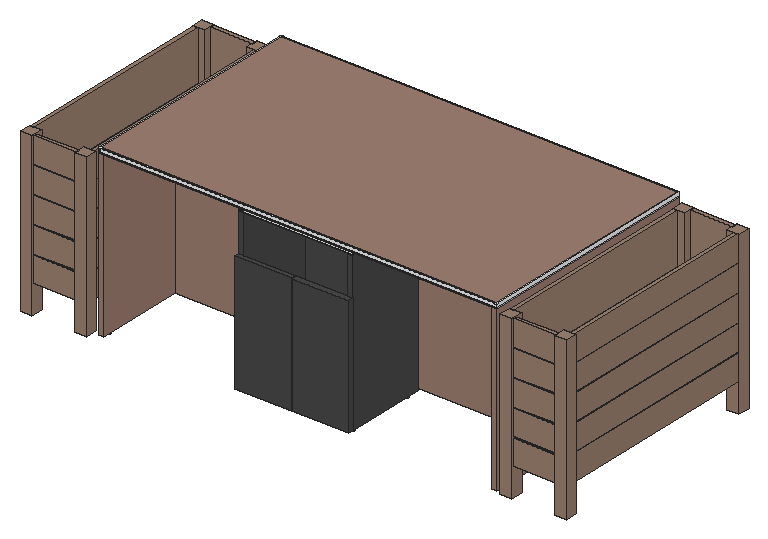
Revit family "T400096", category Furniture, Revit 2015
Parameters (values of type "T400096")
  URL = "https://ofs.com/"
  Model = "T400096"
  Manufacturer = "OFS"
  Description = "OFS TYPICAL T400096"
  Copyright © = "©OFS 2021"
  Catalog = "https://ofs.com/2020-experience"
  Authoring Version = "Autodesk Revit Architecture 2015"
  Assembly Code = "E2020400"
Reference planes (in)
  plane 1 "Center Front/Back": y = 0
  plane 2: z = 0
  plane 3 "Center Left/Right": x = 0
Dimensions and locks (in)
  aligned and locked: level to plane 2
Nested families (in)
  nested 1: "OFS INTERMIX TFL COUNTER HEIGHT TABLE 3MM PVC EDGE" at (0, 22.16803, 0), type "TFL COUNTER HEIGHT TABLE PVC EDGE 84*48"
  nested 2: "OFS INTERMIX TFL MOBILE PEDESTAL" at (-1.17871, 7.16803, 0), type "TFL MOBILE PEDESTAL"
  nested 3: "OFS INTERMIX TFL MOBILE PEDESTAL" at (-1.25, -5.29386, 0) x (-1, 0, 0) z (0, 0, 1), type "TFL MOBILE PEDESTAL"
  nested 4: "OFS INTERMIX  PLANTER BOX" at (-50.67792, 0, 0) x (0, 1, 0) z (0, 0, 1), type "Planter Box 48in Width"
  nested 5: "OFS INTERMIX  PLANTER BOX" at (49.59589, 1.37002, 0) x (0, 1, 0) z (0, 0, 1), type "Planter Box 48in Width"
Definition of nested family "OFS INTERMIX TFL COUNTER HEIGHT TABLE 3MM PVC EDGE"
  Parameters (values of type "TFL COUNTER HEIGHT TABLE PVC EDGE 120*36")
    Worksurface Material = none
    Width = 120.00"
    Chasis Material = none
    URL = "http://www.ofs.com"
    Model = "CC-P12036CCT"
    Manufacturer = "OFS"
    Height = 36.00"
    Description = "OFS INTERMIX TFL COUNTER HEIGHT TABLE WITH 3MM PVC EDGE, 120\" Width, 36\" Depth"
    Depth = 36.00"
    Copyright © = "©OFS 2019"
    Catalog = "https://ofs.com/products/tables/conference/intermix-collaborative"
    Edge Material = none
    Base Caps Material = none
    Authoring Version = "Autodesk Revit Architecture 2015"
    Assembly Code = "E2020200"
    2PT = yes
    2PB = yes
    1PT = no
    1PB = no
  Types (28): name | Width | Model | Description | Depth | 2PT | 2PB | 1PT | 1PB
    (no name) | 120.00" | "CC-P12036CCT" | "OFS INTERMIX TFL COUNTER HEIGHT TABLE WITH 3MM PVC EDGE, 120\" Width, 36\" Depth" | 36.00" | yes | yes | no | no
    TFL COUNTER HEIGHT TABLE PVC EDGE 54*42 | 54.00" | "CC-P5442CCT" | "OFS INTERMIX TFL COUNTER HEIGHT TABLE WITH 3MM PVC EDGE, 54\" Width, 42\" Depth" | 42.00" | no | no | yes | yes
    TFL COUNTER HEIGHT TABLE PVC EDGE 60*42 | 60.00" | "CC-P6042CCT" | "OFS INTERMIX TFL COUNTER HEIGHT TABLE WITH 3MM PVC EDGE, 60\" Width, 42\" Depth" | 42.00" | no | no | yes | yes
    TFL COUNTER HEIGHT TABLE PVC EDGE 66*42 | 66.00" | "CC-P6642CCT" | "OFS INTERMIX TFL COUNTER HEIGHT TABLE WITH 3MM PVC EDGE, 66\" Width, 42\" Depth" | 42.00" | no | no | yes | yes
    TFL COUNTER HEIGHT TABLE PVC EDGE 54*48 | 54.00" | "CC-P5448CCT" | "OFS INTERMIX TFL COUNTER HEIGHT TABLE WITH 3MM PVC EDGE, 54\" Width, 48\" Depth" | 48.00" | no | no | yes | yes
    TFL COUNTER HEIGHT TABLE PVC EDGE 60*48 | 60.00" | "CC-P6048CCT" | "OFS INTERMIX TFL COUNTER HEIGHT TABLE WITH 3MM PVC EDGE, 60\" Width, 48\" Depth" | 48.00" | no | no | yes | yes
    TFL COUNTER HEIGHT TABLE PVC EDGE 66*48 | 66.00" | "CC-P6648CCT" | "OFS INTERMIX TFL COUNTER HEIGHT TABLE WITH 3MM PVC EDGE, 66\" Width, 48\" Depth" | 48.00" | no | no | yes | yes
    TFL COUNTER HEIGHT TABLE PVC EDGE 72*42 | 72.00" | "CC-P7242CCT" | "OFS INTERMIX TFL COUNTER HEIGHT TABLE WITH 3MM PVC EDGE, 72\" Width, 42\" Depth" | 42.00" | no | yes | yes | no
    TFL COUNTER HEIGHT TABLE PVC EDGE 78*42 | 78.00" | "CC-P7842CCT" | "OFS INTERMIX TFL COUNTER HEIGHT TABLE WITH 3MM PVC EDGE, 78\" Width, 42\" Depth" | 42.00" | no | yes | yes | no
    TFL COUNTER HEIGHT TABLE PVC EDGE 84*42 | 84.00" | "CC-P8442CCT" | "OFS INTERMIX TFL COUNTER HEIGHT TABLE WITH 3MM PVC EDGE, 84\" Width, 42\" Depth" | 42.00" | no | yes | yes | no
    TFL COUNTER HEIGHT TABLE PVC EDGE 96*42 | 96.00" | "CC-P9642CCT" | "OFS INTERMIX TFL COUNTER HEIGHT TABLE WITH 3MM PVC EDGE, 96\" Width, 42\" Depth" | 42.00" | no | yes | yes | no
    TFL COUNTER HEIGHT TABLE PVC EDGE 108*42 | 108.00" | "CC-P10842CCT" | "OFS INTERMIX TFL COUNTER HEIGHT TABLE WITH 3MM PVC EDGE, 108\" Width, 42\" Depth" | 42.00" | yes | yes | no | no
    TFL COUNTER HEIGHT TABLE PVC EDGE 120*42 | 120.00" | "CC-P12042CCT" | "OFS INTERMIX TFL COUNTER HEIGHT TABLE WITH 3MM PVC EDGE, 120\" Width, 42\" Depth" | 42.00" | yes | yes | no | no
    TFL COUNTER HEIGHT TABLE PVC EDGE 72*48 | 72.00" | "CC-P7248CCT" | "OFS INTERMIX TFL COUNTER HEIGHT TABLE WITH 3MM PVC EDGE, 72\" Width, 48\" Depth" | 48.00" | no | yes | yes | no
    TFL COUNTER HEIGHT TABLE PVC EDGE 78*48 | 78.00" | "CC-P7848CCT" | "OFS INTERMIX TFL COUNTER HEIGHT TABLE WITH 3MM PVC EDGE, 78\" Width, 48\" Depth" | 48.00" | no | yes | yes | no
    TFL COUNTER HEIGHT TABLE PVC EDGE 84*48 | 84.00" | "CC-P8448CCT" | "OFS INTERMIX TFL COUNTER HEIGHT TABLE WITH 3MM PVC EDGE, 84\" Width, 48\" Depth" | 48.00" | no | yes | yes | no
    TFL COUNTER HEIGHT TABLE PVC EDGE 96*48 | 96.00" | "CC-P9648CCT" | "OFS INTERMIX TFL COUNTER HEIGHT TABLE WITH 3MM PVC EDGE, 96\" Width, 48\" Depth" | 48.00" | no | yes | yes | no
    TFL COUNTER HEIGHT TABLE PVC EDGE 108*48 | 108.00" | "CC-P10848CCT" | "OFS INTERMIX TFL COUNTER HEIGHT TABLE WITH 3MM PVC EDGE, 108\" Width, 48\" Depth" | 48.00" | yes | yes | no | no
    TFL COUNTER HEIGHT TABLE PVC EDGE 120*48 | 120.00" | "CC-P12048CCT" | "OFS INTERMIX TFL COUNTER HEIGHT TABLE WITH 3MM PVC EDGE, 120\" Width, 48\" Depth" | 48.00" | yes | yes | no | no
    TFL COUNTER HEIGHT TABLE PVC EDGE 108*36 | 108.00" | "CC-P10836CCT" | "OFS INTERMIX TFL COUNTER HEIGHT TABLE WITH 3MM PVC EDGE, 108\" Width, 36\" Depth" | 36.00" | yes | yes | no | no
    TFL COUNTER HEIGHT TABLE PVC EDGE 120*36 | 120.00" | "CC-P12036CCT" | "OFS INTERMIX TFL COUNTER HEIGHT TABLE WITH 3MM PVC EDGE, 120\" Width, 36\" Depth" | 36.00" | yes | yes | no | no
    TFL COUNTER HEIGHT TABLE PVC EDGE 54*36 | 54.00" | "CC-P5436CCT" | "OFS INTERMIX TFL COUNTER HEIGHT TABLE WITH 3MM PVC EDGE, 54\" Width, 36\" Depth" | 36.00" | no | no | yes | yes
    TFL COUNTER HEIGHT TABLE PVC EDGE 60*36 | 60.00" | "CC-P6036CCT" | "OFS INTERMIX TFL COUNTER HEIGHT TABLE WITH 3MM PVC EDGE, 60\" Width, 36\" Depth" | 36.00" | no | no | yes | yes
    TFL COUNTER HEIGHT TABLE PVC EDGE 66*36 | 66.00" | "CC-P6636CCT" | "OFS INTERMIX TFL COUNTER HEIGHT TABLE WITH 3MM PVC EDGE, 66\" Width, 36\" Depth" | 36.00" | no | no | yes | yes
    TFL COUNTER HEIGHT TABLE PVC EDGE 72*36 | 72.00" | "CC-P7236CCT" | "OFS INTERMIX TFL COUNTER HEIGHT TABLE WITH 3MM PVC EDGE, 72\" Width, 36\" Depth" | 36.00" | no | yes | yes | no
    TFL COUNTER HEIGHT TABLE PVC EDGE 78*36 | 78.00" | "CC-P7836CCT" | "OFS INTERMIX TFL COUNTER HEIGHT TABLE WITH 3MM PVC EDGE, 78\" Width, 36\" Depth" | 36.00" | no | yes | yes | no
    TFL COUNTER HEIGHT TABLE PVC EDGE 84*36 | 84.00" | "CC-P8436CCT" | "OFS INTERMIX TFL COUNTER HEIGHT TABLE WITH 3MM PVC EDGE, 84\" Width, 36\" Depth" | 36.00" | no | yes | yes | no
    TFL COUNTER HEIGHT TABLE PVC EDGE 96*36 | 96.00" | "CC-P9636CCT" | "OFS INTERMIX TFL COUNTER HEIGHT TABLE WITH 3MM PVC EDGE, 96\" Width, 36\" Depth" | 36.00" | no | yes | yes | no
  Reference planes (in)
    plane 1 "Back": y = -3
    plane 2: z = 0
    plane 3 "Center Left/Right": x = 0
    plane 4: x = -60
    plane 5 "Center Front/Back": y = -21
    plane 6: x = 60
    plane 7: y = -39
    plane 8: z = 36
    plane 9: z = 34.875
    plane 10: z = 0.5
    plane 11: z = 72
    plane 12: x = -59
    plane 13: x = 59
    plane 14: z = 33.99885
    plane 15: z = 22.625
    plane 16: z = 22.5
    plane 17: y = -15.75
    plane 18: y = -16.5
    plane 19: y = -26.25
    plane 20: y = -25.5
    plane 21: y = -5
    plane 22: y = -37
    plane 23: x = 0.0625
    plane 24: x = -0.0625
  Forms (in)
    Extrusion 1, solid, material <- "Chasis Material"
      sketch origin (0, 0, 0) x (1, 0, 0) y (0, 1, 0)
        loop
          line (-60, -3) -> (-60, -39) -> (-59, -39) -> (-59, -3) -> (-60, -3)
        loop
          line (59, -39) -> (60, -39) -> (60, -3) -> (59, -3) -> (59, -39)
      from 0.5 to 34.875
    Extrusion 2, solid, material <- "Worksurface Material", visible <- "1PT"
      sketch origin (0, 0, 0) x (1, 0, 0) y (0, 1, 0)
        loop
          line (-59.875, -3.125) -> (-59.875, -38.875) -> (59.875, -38.875) -> (59.875, -3.125) -> (-59.875, -3.125)
      from 34.875 to 36
    Extrusion 3, solid, material <- "Chasis Material"
      sketch origin (0, 0, 0) x (1, 0, 0) y (0, 1, 0)
        loop
          line (-59, -15.75) -> (-59, -16.5) -> (59, -16.5) -> (59, -15.75) -> (-59, -15.75)
      from 0.5 to 34.875
    Extrusion 4, solid, material <- "Chasis Material", visible <- "1PB"
      sketch origin (0, 0, 0) x (0, 1, 0) y (0, 0, 1)
        loop
          line (-25.5, 33.99885) -> (-26.25, 33.99885) -> (-26.25, 22.625) -> (-25.5, 22.625) -> (-25.5, 33.99885)
        loop
          line (-25.5, 22.5) -> (-26.25, 22.5) -> (-26.25, 0.5) -> (-25.5, 0.5) -> (-25.5, 22.5)
      from -59 to 59
    Sweep 5, solid, material <- "Edge Material"
      path in 3D
        loop
          line (-59.875, -3.125, 36) -> (-59.875, -38.875, 36) -> (59.875, -38.875, 36) -> (59.875, -3.125, 36) -> (-59.875, -3.125, 36)
      profile origin (0, -3.125, 36) x (0, -1, 0) y (0, 0, 1)
        loop
          arc (0, 0) -> (-0.08839, -0.03661) -> (-0.125, -0.125) r 0.125
          line (-0.125, -0.125) -> (-0.125, -1)
          arc (-0.125, -1) -> (-0.08839, -1.08839) -> (0, -1.125) r 0.125
          line (0, -1.125) -> (0, 0)
    Revolve 6, solid, material <- "Base Caps Material"
      sketch origin (0, -5, 0) x (1, 0, 0) y (0, 0, 1)
        loop
          line (-59.5, 0.5) -> (-59.54548, 0.5) -> (-59.54548, 0.0625) -> (-59.75, 0.0625) -> (-59.75, 0) -> (-59.5, 0) -> (-59.5, 0.5)
        axis (-59.5, 0) -> (-59.5, 0.5)
      angle from 0 to 360
    Revolve 7, solid, material <- "Base Caps Material"
      sketch origin (0, -5, 0) x (-1, 0, 0) y (0, 0, -1)
        loop
          line (-59.5, -0.5) -> (-59.5, 0) -> (-59.75, 0) -> (-59.75, -0.0625) -> (-59.54548, -0.0625) -> (-59.54548, -0.5) -> (-59.5, -0.5)
        axis (-59.5, 0) -> (-59.5, -0.5)
      angle from 0 to 360
    Revolve 8, solid, material <- "Base Caps Material"
      sketch origin (0, -37, 0) x (1, 0, 0) y (0, 0, -1)
        loop
          line (-59.5, -0.5) -> (-59.5, 0) -> (-59.75, 0) -> (-59.75, -0.0625) -> (-59.54548, -0.0625) -> (-59.54548, -0.5) -> (-59.5, -0.5)
        axis (-59.5, 0) -> (-59.5, -0.5)
      angle from 0 to 360
    Revolve 9, solid, material <- "Base Caps Material"
      sketch origin (0, -37, 0) x (-1, 0, 0) y (0, 0, 1)
        loop
          line (-59.5, 0.5) -> (-59.54548, 0.5) -> (-59.54548, 0.0625) -> (-59.75, 0.0625) -> (-59.75, 0) -> (-59.5, 0) -> (-59.5, 0.5)
        axis (-59.5, 0) -> (-59.5, 0.5)
      angle from 0 to 360
    Extrusion 10, solid, material <- "Chasis Material", visible <- "2PB"
      sketch origin (0, 0, 0) x (0, 1, 0) y (0, 0, 1)
        loop
          line (-25.5, 33.99885) -> (-26.25, 33.99885) -> (-26.25, 22.625) -> (-25.5, 22.625) -> (-25.5, 33.99885)
        loop
          line (-25.5, 22.5) -> (-26.25, 22.5) -> (-26.25, 0.5) -> (-25.5, 0.5) -> (-25.5, 22.5)
      from -59 to -0.0625
    Extrusion 11, solid, material <- "Chasis Material", visible <- "2PB"
      sketch origin (0, 0, 0) x (0, 1, 0) y (0, 0, -1)
        loop
          line (-25.5, -33.99885) -> (-25.5, -22.625) -> (-26.25, -22.625) -> (-26.25, -33.99885) -> (-25.5, -33.99885)
        loop
          line (-25.5, -22.5) -> (-25.5, -0.5) -> (-26.25, -0.5) -> (-26.25, -22.5) -> (-25.5, -22.5)
      from -59 to -0.0625
    Extrusion 12, solid, material <- "Worksurface Material", visible <- "2PT"
      sketch origin (0, 0, 0) x (1, 0, 0) y (0, 1, 0)
        loop
          line (-59.875, -3.125) -> (-59.875, -38.875) -> (-0.0625, -38.875) -> (-0.0625, -3.125) -> (-59.875, -3.125)
      from 34.875 to 36
    Extrusion 13, solid, material <- "Worksurface Material", visible <- "2PT"
      sketch origin (0, 0, 0) x (-1, 0, 0) y (0, -1, 0)
        loop
          line (-59.875, 3.125) -> (-0.0625, 3.125) -> (-0.0625, 38.875) -> (-59.875, 38.875) -> (-59.875, 3.125)
      from 34.875 to 36
  Lines and regions (in)
    sketch lines
      curve 1: line (59.875, -3.125, 36) -> (-59.875, -3.125, 36)
      curve 2: line (-59.875, -3.125, 36) -> (-59.875, -38.875, 36)
      curve 3: line (-59.875, -38.875, 36) -> (59.875, -38.875, 36)
      curve 4: line (59.875, -38.875, 36) -> (59.875, -3.125, 36)
  Dimensions and locks (in)
    equal spacing: plane 4, plane 3 "Center Left/Right", plane 6
    "Width": plane 4 to plane 6
    "Depth": plane 7 to plane 1 "Back"
    "Height": plane 8 to level
    equal spacing: plane 1 "Back", plane 5 "Center Front/Back", plane 7
    plane 8 to plane 9 to plane 14 to plane 15 to plane 16 = 1.125" locked, 0.87615" locked, 11.37385" locked, 0.125" locked
    plane 19 to plane 20 to plane 5 "Center Front/Back" to plane 18 to plane 17 = 0.75" locked, 4.50" locked, 4.50" locked, 0.75" locked
    locked: plane 4 to plane 12 at 1
    locked: plane 13 to plane 6 at 1
    locked: plane 21 to plane 1 "Back" at 2
    locked: plane 22 to plane 7 at 2
    plane 24 to plane 3 "Center Left/Right" to plane 23 = 0.0625" locked, 0.0625" locked
    locked: plane 10 to level at 0.5
    aligned and locked: level to plane 2
    aligned and locked: plane 1 "Back" to Extrusion 1 sketch curve
    aligned and locked: plane 4 to Extrusion 1 sketch curve
    aligned and locked: plane 7 to Extrusion 1 sketch curve  (x2)
    aligned and locked: Extrusion 1 sketch curve to plane 12
    aligned and locked: plane 13 to Extrusion 1 sketch curve
    aligned and locked: Extrusion 1 sketch curve to plane 1 "Back"
    aligned and locked: Extrusion 1 sketch curve to plane 6
    aligned and locked: Extrusion 1 to plane 9
    aligned and locked: Extrusion 1 to plane 10
    aligned and locked: Extrusion 3 sketch curve to plane 17
    aligned and locked: plane 12 to Extrusion 3 sketch curve
    aligned and locked: Extrusion 3 sketch curve to plane 18
    aligned and locked: plane 13 to Extrusion 3 sketch curve
    aligned and locked: plane 9 to Extrusion 3
    aligned and locked: Extrusion 3 to plane 10
    aligned and locked: plane 8 to Extrusion 2
    aligned and locked: Extrusion 2 to plane 9
    aligned and locked: plane 14 to Extrusion 4 sketch curve
    aligned and locked: Extrusion 4 sketch curve to plane 20  (x2)
    aligned and locked: Extrusion 4 sketch curve to plane 15
    aligned and locked: plane 19 to Extrusion 4 sketch curve  (x2)
    aligned and locked: plane 16 to Extrusion 4 sketch curve
    aligned and locked: Extrusion 4 sketch curve to plane 10
    aligned and locked: Extrusion 4 to plane 12
    aligned and locked: Extrusion 4 to plane 13
    aligned and locked: plane 21 to Revolve 6
    aligned and locked: plane 21 to Revolve 7
    aligned and locked: plane 22 to Revolve 9
    aligned and locked: plane 22 to Revolve 8
    aligned and locked: Extrusion 10 to plane 24
    aligned and locked: Extrusion 10 to plane 12
    aligned and locked: Extrusion 11 to plane 23
    aligned and locked: Extrusion 11 to plane 13
    aligned and locked: plane 8 to Extrusion 12
    aligned and locked: Extrusion 13 to plane 8
    aligned and locked: Extrusion 13 to plane 9
    aligned and locked: Extrusion 12 to plane 9
  Automatic sketch dimensions
    plane 4 to Extrusion 2 sketch curve = 0.125"
    plane 6 to Extrusion 2 sketch curve = 0.125"
    plane 7 to Extrusion 2 sketch curve = 0.125"
    plane 1 "Back" to Extrusion 2 sketch curve = 0.125"
    Sweep 5 sketch curve to profile plane = 0.00"  (x2)
    Sweep 5 sketch curve to Sweep 5 sketch curve = 0.125"
    Sweep 5 sketch curve to Sweep 5 sketch curve = 0.875"
    Revolve 6 sketch curve to level = 0.00"
    Revolve 6 sketch curve to plane 10 = 0.00"  (x2)
    level to Revolve 6 sketch curve = 0.0625"
    plane 4 to Revolve 6 sketch curve = 0.25"
    plane 4 to Revolve 6 sketch curve = 0.45452"
    Revolve 6 sketch curve to Revolve 6 sketch curve = 0.04548"
    Revolve 6 sketch curve to Revolve 6 sketch curve = 0.00"
    Revolve 6 sketch curve to Revolve 6 sketch curve = 0.41567"
    Revolve 7 sketch curve to level = 0.00"
    Revolve 7 sketch curve to plane 10 = 0.00"  (x2)
    level to Revolve 7 sketch curve = 0.0625"
    plane 6 to Revolve 7 sketch curve = 0.25"
    plane 6 to Revolve 7 sketch curve = 0.45452"
    Revolve 7 sketch curve to Revolve 7 sketch curve = 0.04548"
    Revolve 7 sketch curve to Revolve 7 sketch curve = 0.00"
    Revolve 7 sketch curve to Revolve 7 sketch curve = 0.41567"
    Revolve 8 sketch curve to level = 0.00"
    Revolve 8 sketch curve to plane 10 = 0.00"  (x2)
    level to Revolve 8 sketch curve = 0.0625"
    plane 4 to Revolve 8 sketch curve = 0.25"
    plane 4 to Revolve 8 sketch curve = 0.45452"
    Revolve 8 sketch curve to Revolve 8 sketch curve = 0.04548"
    Revolve 8 sketch curve to Revolve 8 sketch curve = 0.00"
    plane 10 to Revolve 8 sketch curve = 0.41567"
    Revolve 9 sketch curve to level = 0.00"
    Revolve 9 sketch curve to plane 10 = 0.00"  (x2)
    level to Revolve 9 sketch curve = 0.0625"
    plane 6 to Revolve 9 sketch curve = 0.25"
    plane 6 to Revolve 9 sketch curve = 0.45452"
    Revolve 9 sketch curve to Revolve 9 sketch curve = 0.04548"
    Revolve 9 sketch curve to Revolve 9 sketch curve = 0.00"
    Revolve 9 sketch curve to Revolve 9 sketch curve = 0.41567"
    Extrusion 10 sketch curve to plane 10 = 0.00"
    Extrusion 10 sketch curve to plane 19 = 0.00"  (x2)
    Extrusion 10 sketch curve to plane 14 = 0.00"
    Extrusion 10 sketch curve to plane 20 = 0.00"  (x2)
    Extrusion 10 sketch curve to plane 16 = 0.00"
    Extrusion 10 sketch curve to plane 15 = 0.00"
    Extrusion 11 sketch curve to plane 10 = 0.00"
    Extrusion 11 sketch curve to plane 19 = 0.00"  (x2)
    Extrusion 11 sketch curve to plane 14 = 0.00"
    Extrusion 11 sketch curve to plane 20 = 0.00"  (x2)
    Extrusion 11 sketch curve to plane 15 = 0.00"
    Extrusion 11 sketch curve to plane 16 = 0.00"
    Extrusion 12 sketch curve to plane 24 = 0.00"
    plane 4 to Extrusion 12 sketch curve = 0.125"
    plane 7 to Extrusion 12 sketch curve = 0.125"
    plane 1 "Back" to Extrusion 12 sketch curve = 0.125"
    Extrusion 13 sketch curve to plane 23 = 0.00"
    Extrusion 13 sketch curve to plane 6 = 0.125"
    Extrusion 13 sketch curve to plane 7 = 0.125"
    Extrusion 13 sketch curve to plane 1 "Back" = 0.125"
Definition of nested family "OFS INTERMIX TFL MOBILE PEDESTAL"
  Parameters (values of type "TFL MOBILE PEDESTAL")
    Worksurface Material = none
    Width = 24.00"
    Chasis Material = none
    URL = "http://www.ofs.com"
    Model = "CC-M2435MP"
    Manufacturer = "OFS"
    Height = 34.6875"
    Description = "OFS INTERMIX TFL MOBILE PEDESTAL, Open Shelf, Two Hinged Doors"
    Depth = 18.25"
    Copyright © = "©OFS 2019"
    Catalog = "https://ofs.com/products/tables/conference/intermix-collaborative"
    Edge Material = none
    Base Caps Material = none
    Authoring Version = "Autodesk Revit Architecture 2015"
    Assembly Code = "E2020200"
  Reference planes (in)
    plane 1 "Back": y = -11.875
    plane 2: z = 0
    plane 3 "Center Left/Right": x = 0
    plane 4: x = -12
    plane 5 "Center Front/Back": y = -21
    plane 6: x = 12
    plane 7: y = -30.125
    plane 8: z = 34.6875
    plane 9: z = 33.5625
    plane 10: z = 72
    plane 11: x = -11
    plane 12: x = 11
    plane 13: y = -15.75
    plane 14: y = -16.5
    plane 15: y = -26.25
    plane 16: y = -25.5
    plane 17: y = -13.875
    plane 18: y = -28.125
    plane 19: x = 0.0625
    plane 20: x = -0.0625
    plane 21: z = 0.5
    plane 22: y = -29
    plane 23: y = -13
    plane 24: z = 25.5625
    plane 25: z = 24.4375
  Forms (in)
    Extrusion 1, solid, material <- "Chasis Material"
      sketch origin (0, 0, 0) x (1, 0, 0) y (0, 1, 0)
        loop
          line (-12, -11.875) -> (-12, -29) -> (-11, -29) -> (-11, -11.875) -> (-12, -11.875)
        loop
          line (11, -29) -> (12, -29) -> (12, -11.875) -> (11, -11.875) -> (11, -29)
      from 0.5 to 33.5625
    Extrusion 2, solid, material <- "Worksurface Material"
      sketch origin (0, 0, 0) x (1, 0, 0) y (0, 1, 0)
        loop
          line (-11.875, -12) -> (-11.875, -28.875) -> (11.875, -28.875) -> (11.875, -12) -> (-11.875, -12)
      from 33.5625 to 34.6875
    Extrusion 3, solid, material <- "Chasis Material"
      sketch origin (0, 0, 0) x (1, 0, 0) y (0, 1, 0)
        loop
          line (-11, -11.875) -> (-11, -13) -> (11, -13) -> (11, -11.875) -> (-11, -11.875)
      from 0.5 to 33.5625
    Extrusion 4, solid, material <- "Chasis Material"
      sketch origin (0, 0, 0) x (0, 1, 0) y (0, 0, 1)
        loop
          line (-29, 25.5625) -> (-30.125, 25.5625) -> (-30.125, 0.5) -> (-29, 0.5) -> (-29, 25.5625)
      from -12 to -0.0625
    Sweep 5, solid, material <- "Edge Material"
      path in 3D
        loop
          line (-11.875, -12, 34.6875) -> (-11.875, -28.875, 34.6875) -> (11.875, -28.875, 34.6875) -> (11.875, -12, 34.6875) -> (-11.875, -12, 34.6875)
      profile origin (0, -12, 34.6875) x (0, -1, 0) y (0, 0, 1)
        loop
          arc (0, 0) -> (-0.08839, -0.03661) -> (-0.125, -0.125) r 0.125
          line (-0.125, -0.125) -> (-0.125, -1)
          arc (-0.125, -1) -> (-0.08839, -1.08839) -> (0, -1.125) r 0.125
          line (0, -1.125) -> (0, 0)
    Revolve 6, solid, material <- "Base Caps Material"
      sketch origin (0, -13.875, 0) x (1, 0, 0) y (0, 0, 1)
        loop
          line (-11.5, 0.5) -> (-11.54548, 0.5) -> (-11.54548, 0.0625) -> (-11.75, 0.0625) -> (-11.75, 0) -> (-11.5, 0) -> (-11.5, 0.5)
        axis (-11.5, 0) -> (-11.5, 0.5)
      angle from 0 to 360
    Revolve 7, solid, material <- "Base Caps Material"
      sketch origin (0, -13.875, 0) x (-1, 0, 0) y (0, 0, -1)
        loop
          line (-11.5, -0.5) -> (-11.5, 0) -> (-11.75, 0) -> (-11.75, -0.0625) -> (-11.54548, -0.0625) -> (-11.54548, -0.5) -> (-11.5, -0.5)
        axis (-11.5, 0) -> (-11.5, -0.5)
      angle from 0 to 360
    Revolve 8, solid, material <- "Base Caps Material"
      sketch origin (0, -28.125, 0) x (1, 0, 0) y (0, 0, -1)
        loop
          line (-11.5, -0.5) -> (-11.5, 0) -> (-11.75, 0) -> (-11.75, -0.0625) -> (-11.54548, -0.0625) -> (-11.54548, -0.5) -> (-11.5, -0.5)
        axis (-11.5, 0) -> (-11.5, -0.5)
      angle from 0 to 360
    Revolve 9, solid, material <- "Base Caps Material"
      sketch origin (0, -28.125, 0) x (-1, 0, 0) y (0, 0, 1)
        loop
          line (-11.5, 0.5) -> (-11.54548, 0.5) -> (-11.54548, 0.0625) -> (-11.75, 0.0625) -> (-11.75, 0) -> (-11.5, 0) -> (-11.5, 0.5)
        axis (-11.5, 0) -> (-11.5, 0.5)
      angle from 0 to 360
    Extrusion 10, solid, material <- "Worksurface Material", not visible
      sketch origin (0, 0, -12.75) x (1, 0, 0) y (0, 1, 0)
        loop
          line (-11, -13) -> (-11, -28.875) -> (11, -28.875) -> (11, -13) -> (-11, -13)
      from 37.1875 to 38.3125
    Extrusion 11, solid, material <- "Chasis Material"
      sketch origin (0, 0, 0) x (0, 1, 0) y (0, 0, -1)
        loop
          line (-29, -25.5625) -> (-29, -0.5) -> (-30.125, -0.5) -> (-30.125, -25.5625) -> (-29, -25.5625)
      from -12 to -0.0625
  Lines and regions (in)
    sketch lines
      curve 1: line (11.875, -12, 34.6875) -> (-11.875, -12, 34.6875)
      curve 2: line (-11.875, -12, 34.6875) -> (-11.875, -28.875, 34.6875)
      curve 3: line (-11.875, -28.875, 34.6875) -> (11.875, -28.875, 34.6875)
      curve 4: line (11.875, -28.875, 34.6875) -> (11.875, -12, 34.6875)
  Dimensions and locks (in)
    equal spacing: plane 4, plane 3 "Center Left/Right", plane 6
    "Width": plane 4 to plane 6
    "Depth": plane 7 to plane 1 "Back"
    "Height": plane 8 to level
    equal spacing: plane 1 "Back", plane 5 "Center Front/Back", plane 7
    plane 8 to plane 9 to plane 24 to plane 25 = 1.125" locked, 8.00" locked, 1.125" locked
    plane 15 to plane 16 to plane 5 "Center Front/Back" to plane 14 to plane 13 = 0.75" locked, 4.50" locked, 4.50" locked, 0.75" locked
    locked: plane 4 to plane 11 at 1
    locked: plane 12 to plane 6 at 1
    locked: plane 17 to plane 1 "Back" at 2
    locked: plane 18 to plane 7 at 2
    plane 20 to plane 3 "Center Left/Right" to plane 19 = 0.0625" locked, 0.0625" locked
    locked: plane 21 to level at 0.5
    locked: plane 22 to plane 7 at 1.125
    aligned and locked: level to plane 2
    aligned and locked: plane 1 "Back" to Extrusion 1 sketch curve
    aligned and locked: plane 4 to Extrusion 1 sketch curve
    aligned and locked: Extrusion 1 sketch curve to plane 11
    aligned and locked: plane 12 to Extrusion 1 sketch curve
    aligned and locked: Extrusion 1 sketch curve to plane 1 "Back"
    aligned and locked: Extrusion 1 sketch curve to plane 6
    aligned and locked: plane 11 to Extrusion 3 sketch curve
    aligned and locked: plane 12 to Extrusion 3 sketch curve
    aligned and locked: plane 8 to Extrusion 2
    aligned and locked: Extrusion 2 to plane 9
    aligned and locked: plane 17 to Revolve 6
    aligned and locked: plane 17 to Revolve 7
    aligned and locked: plane 18 to Revolve 9
    aligned and locked: plane 18 to Revolve 8
    aligned and locked: plane 21 to Revolve 8
    aligned and locked: Revolve 6 to plane 21
    aligned and locked: Revolve 9 to plane 21
    aligned and locked: plane 21 to Revolve 7
    aligned and locked: Extrusion 1 to plane 22
    aligned and locked: plane 22 to Extrusion 4
    aligned and locked: Extrusion 4 to plane 7
    aligned and locked: Extrusion 4 to plane 4
    aligned and locked: Extrusion 3 to plane 1 "Back"
    aligned and locked: plane 23 to Extrusion 3
    aligned and locked: plane 24 to Extrusion 4
    aligned and locked: Extrusion 10 to plane 11
    aligned and locked: Extrusion 10 to plane 12
    aligned and locked: plane 24 to Extrusion 10
    aligned and locked: Extrusion 10 to plane 25
    aligned and locked: Extrusion 10 to Extrusion 3
    aligned and locked: Extrusion 4 to plane 20
  Automatic sketch dimensions
    Extrusion 1 sketch curve to plane 22 = 0.00"  (x2)
    plane 4 to Extrusion 2 sketch curve = 0.125"
    plane 6 to Extrusion 2 sketch curve = 0.125"
    plane 22 to Extrusion 2 sketch curve = 0.125"
    plane 1 "Back" to Extrusion 2 sketch curve = 0.125"
    plane 23 to Extrusion 3 sketch curve = 0.00"
    plane 1 "Back" to Extrusion 3 sketch curve = 0.00"
    Extrusion 4 sketch curve to plane 7 = 0.00"
    Extrusion 4 sketch curve to plane 21 = 0.00"
    Extrusion 4 sketch curve to plane 22 = 0.00"
    Extrusion 4 sketch curve to plane 24 = 0.00"
    Sweep 5 sketch curve to profile plane = 0.00"  (x2)
    profile plane to Sweep 5 sketch curve = 0.125"
    Sweep 5 sketch curve to Sweep 5 sketch curve = 0.875"
    Revolve 6 sketch curve to level = 0.00"
    Revolve 6 sketch curve to plane 21 = 0.00"
    level to Revolve 6 sketch curve = 0.0625"
    plane 4 to Revolve 6 sketch curve = 0.25"
    plane 4 to Revolve 6 sketch curve = 0.45452"
    Revolve 6 sketch curve to Revolve 6 sketch curve = 0.04548"
    plane 4 to Revolve 6 sketch curve = 0.50"
    Revolve 6 sketch curve to Revolve 6 sketch curve = 5.6875"
    Revolve 6 sketch curve to Revolve 6 sketch curve = 0.41567"
    Revolve 7 sketch curve to level = 0.00"
    Revolve 7 sketch curve to plane 21 = 0.00"
    level to Revolve 7 sketch curve = 0.0625"
    plane 6 to Revolve 7 sketch curve = 0.25"
    plane 6 to Revolve 7 sketch curve = 0.45452"
    Revolve 7 sketch curve to Revolve 7 sketch curve = 0.04548"
    plane 6 to Revolve 7 sketch curve = 0.50"
    Revolve 7 sketch curve to Revolve 7 sketch curve = 5.6875"
    Revolve 7 sketch curve to Revolve 7 sketch curve = 7.72817"
    Revolve 8 sketch curve to level = 0.00"
    Revolve 8 sketch curve to plane 21 = 0.00"
    level to Revolve 8 sketch curve = 0.0625"
    plane 4 to Revolve 8 sketch curve = 0.25"
    plane 4 to Revolve 8 sketch curve = 0.45452"
    Revolve 8 sketch curve to Revolve 8 sketch curve = 0.04548"
    plane 4 to Revolve 8 sketch curve = 0.50"
    Revolve 8 sketch curve to Revolve 8 sketch curve = 5.6875"
    Revolve 8 sketch curve to Revolve 8 sketch curve = 0.41567"
    Revolve 9 sketch curve to level = 0.00"
    Revolve 9 sketch curve to plane 21 = 0.00"
    level to Revolve 9 sketch curve = 0.0625"
    plane 6 to Revolve 9 sketch curve = 0.25"
    plane 6 to Revolve 9 sketch curve = 0.45452"
    Revolve 9 sketch curve to Revolve 9 sketch curve = 0.04548"
    plane 6 to Revolve 9 sketch curve = 0.50"
    Revolve 9 sketch curve to Revolve 9 sketch curve = 5.6875"
    Revolve 9 sketch curve to Revolve 9 sketch curve = 7.72817"
    Extrusion 10 sketch curve to plane 11 = 0.00"
    Extrusion 10 sketch curve to plane 12 = 0.00"
    plane 23 to Extrusion 10 sketch curve = 0.00"
    plane 22 to Extrusion 10 sketch curve = 0.125"
    Extrusion 11 sketch curve to plane 7 = 0.00"
    Extrusion 11 sketch curve to plane 21 = 0.00"
    Extrusion 11 sketch curve to plane 22 = 0.00"
    Extrusion 11 sketch curve to plane 24 = 0.00"
Definition of nested family "OFS INTERMIX  PLANTER BOX"
  Parameters (values of type "Planter Box 48in Width")
    Width = 48.00"
    URL = "https://ofs.com/"
    Planter Box Material = none
    Model = "CC-W4834PB"
    Manufacturer = "OFS"
    M = 5.75"
    Height = 34.00"
    Description = "OFS INTERMIX PLANTER BOX 48\" Width"
    Depth = 14.00"
    Copyright © = "©OFS 2020"
    Catalog = "https://ofs.com/products/space-defining/architectural-structures/obeya"
    Authoring Version = "Autodesk Revit Architecture 2015"
    Assembly Code = "E2020200"
    3 = no
    2 = no
    1 = yes
  Types (4): name | Width | Model | M | Description | 3 | 2 | 1
    (no name) | 48.00" | "CC-W4834PB" | 5.75" | "OFS INTERMIX PLANTER BOX 48\" Width" | no | no | yes
    Planter Box 126in Width | 120.00" | "CC-W12034PB" | 19.00" | "OFS INTERMIX PLANTER BOX 120\" Width" | yes | no | no
    Planter Box 84in Width | 84.00" | "OB-8434PB" | 12.00" | "OFS OBEYA PLANTER BOX 84\" Width" | no | yes | no
    Planter Box 48in Width | 48.00" | "CC-W4834PB" | 5.75" | "OFS INTERMIX PLANTER BOX 48\" Width" | no | no | yes
  Reference planes (in)
    plane 1 "Center Front/Back": y = 0
    plane 2: z = 0
    plane 3 "Center Left/Right": x = 0
    plane 4 "Left End": x = -24
    plane 5 "Front End": y = -7
    plane 6 "Right End": x = 24
    plane 7 "Back End": y = 7
    plane 8 "Height Top": z = 34
    plane 9: x = -21.5
    plane 10: y = 4.5
    plane 11: y = -4.5
    plane 12: x = 21.5
    plane 13: y = -6.75
    plane 14: y = -6
    plane 15: y = 6.75
    plane 16: y = 6
    plane 17: x = -23.75
    plane 18: x = -23
    plane 19: x = 23.75
    plane 20: x = 23
    plane 21: z = 6
    plane 22: x = -8.25
    plane 23: x = -5.75
    plane 24: x = 8.25
    plane 25: x = 5.75
    plane 26: x = 1.25
    plane 27: x = -1.25
  Forms (in)
    Extrusion 1, solid, material <- "Planter Box Material"
      sketch origin (0, 0, 0) x (1, 0, 0) y (0, 1, 0)
        loop
          line (-24, 7) -> (-24, 4.5) -> (-21.5, 4.5) -> (-21.5, 7) -> (-24, 7)
      from 0 to 34
    Extrusion 2, solid, material <- "Planter Box Material"
      sketch origin (0, 0, 0) x (1, 0, 0) y (0, 1, 0)
        loop
          line (-24, -7) -> (-21.5, -7) -> (-21.5, -4.5) -> (-24, -4.5) -> (-24, -7)
      from 0 to 34
    Extrusion 3, solid, material <- "Planter Box Material"
      sketch origin (0, 0, 0) x (-1, 0, 0) y (0, -1, 0)
        loop
          line (-24, 7) -> (-24, 4.5) -> (-21.5, 4.5) -> (-21.5, 7) -> (-24, 7)
      from 0 to 34
    Extrusion 4, solid, material <- "Planter Box Material"
      sketch origin (0, 0, 0) x (-1, 0, 0) y (0, -1, 0)
        loop
          line (-24, -7) -> (-21.5, -7) -> (-21.5, -4.5) -> (-24, -4.5) -> (-24, -7)
      from 0 to 34
    Extrusion 5, solid, material <- "Planter Box Material"
      sketch origin (0, 0, 0) x (1, 0, 0) y (0, 0, 1)
        loop
          line (-23, 34) -> (-23.75, 34) -> (-23.75, 28.6) -> (-23.5, 28.6) -> (-23.5, 28.35) -> (-23.75, 28.35) -> (-23.75, 22.95) -> (-23.5, 22.95) -> (-23.5, 22.7) -> (-23.75, 22.7) -> (-23.75, 17.3) -> (-23.5, 17.3) -> (-23.5, 17.05) -> (-23.75, 17.05) -> (-23.75, 11.65) -> (-23.5, 11.65) -> (-23.5, 11.4) -> (-23.75, 11.4) -> (-23.75, 6) -> (-23, 6) -> (-23, 34)
      from -4.5 to 4.5
    Extrusion 6, solid, material <- "Planter Box Material", visible <- "1"
      sketch origin (-17, 17, 0) x (0, 1, 0) y (0, 0, -1)
        loop
          line (-23, -34) -> (-23, -6) -> (-23.75, -6) -> (-23.75, -11.4) -> (-23.5, -11.4) -> (-23.5, -11.65) -> (-23.75, -11.65) -> (-23.75, -17.05) -> (-23.5, -17.05) -> (-23.5, -17.3) -> (-23.75, -17.3) -> (-23.75, -22.7) -> (-23.5, -22.7) -> (-23.5, -22.95) -> (-23.75, -22.95) -> (-23.75, -28.35) -> (-23.5, -28.35) -> (-23.5, -28.6) -> (-23.75, -28.6) -> (-23.75, -34) -> (-23, -34)
      from -38.5 to 4.5
    Extrusion 7, solid, material <- "Planter Box Material", visible <- "1"
      sketch origin (-17, -17, 0) x (0, -1, 0) y (0, 0, 1)
        loop
          line (-23, 34) -> (-23.75, 34) -> (-23.75, 28.6) -> (-23.5, 28.6) -> (-23.5, 28.35) -> (-23.75, 28.35) -> (-23.75, 22.95) -> (-23.5, 22.95) -> (-23.5, 22.7) -> (-23.75, 22.7) -> (-23.75, 17.3) -> (-23.5, 17.3) -> (-23.5, 17.05) -> (-23.75, 17.05) -> (-23.75, 11.65) -> (-23.5, 11.65) -> (-23.5, 11.4) -> (-23.75, 11.4) -> (-23.75, 6) -> (-23, 6) -> (-23, 34)
      from -38.5 to 4.5
    Extrusion 8, solid, material <- "Planter Box Material"
      sketch origin (0, 0, 0) x (-1, 0, 0) y (0, 0, -1)
        loop
          line (-23, -34) -> (-23, -6) -> (-23.75, -6) -> (-23.75, -11.4) -> (-23.5, -11.4) -> (-23.5, -11.65) -> (-23.75, -11.65) -> (-23.75, -17.05) -> (-23.5, -17.05) -> (-23.5, -17.3) -> (-23.75, -17.3) -> (-23.75, -22.7) -> (-23.5, -22.7) -> (-23.5, -22.95) -> (-23.75, -22.95) -> (-23.75, -28.35) -> (-23.5, -28.35) -> (-23.5, -28.6) -> (-23.75, -28.6) -> (-23.75, -34) -> (-23, -34)
      from -4.5 to 4.5
    Extrusion 9, solid, material <- "Planter Box Material"
      sketch origin (0, 0, 0) x (1, 0, 0) y (0, 1, 0)
        loop
          line (-23, 6) -> (-23, -6) -> (23, -6) -> (23, 6) -> (-23, 6)
      from 7.25 to 8
    Extrusion 10, solid, material <- "Planter Box Material"
      sketch origin (0, 0, 16) x (1, 0, 0) y (0, 1, 0)
        loop
          line (-23, 6) -> (-23, -6) -> (23, -6) -> (23, 6) -> (-23, 6)
      from 6.75 to 7.5
    Extrusion 11, solid, material <- "Planter Box Material", visible <- "3"
      sketch origin (-17, 17, 0) x (0, 1, 0) y (0, 0, -1)
        loop
          line (-23, -34) -> (-23, -6) -> (-23.75, -6) -> (-23.75, -11.4) -> (-23.5, -11.4) -> (-23.5, -11.65) -> (-23.75, -11.65) -> (-23.75, -17.05) -> (-23.5, -17.05) -> (-23.5, -17.3) -> (-23.75, -17.3) -> (-23.75, -22.7) -> (-23.5, -22.7) -> (-23.5, -22.95) -> (-23.75, -22.95) -> (-23.75, -28.35) -> (-23.5, -28.35) -> (-23.5, -28.6) -> (-23.75, -28.6) -> (-23.75, -34) -> (-23, -34)
      from -22.75 to -11.25
    Extrusion 12, solid, material <- "Planter Box Material", visible <- "3"
      sketch origin (-17, -17, 0) x (0, -1, 0) y (0, 0, 1)
        loop
          line (-23, 34) -> (-23.75, 34) -> (-23.75, 28.6) -> (-23.5, 28.6) -> (-23.5, 28.35) -> (-23.75, 28.35) -> (-23.75, 22.95) -> (-23.5, 22.95) -> (-23.5, 22.7) -> (-23.75, 22.7) -> (-23.75, 17.3) -> (-23.5, 17.3) -> (-23.5, 17.05) -> (-23.75, 17.05) -> (-23.75, 11.65) -> (-23.5, 11.65) -> (-23.5, 11.4) -> (-23.75, 11.4) -> (-23.75, 6) -> (-23, 6) -> (-23, 34)
      from -22.75 to -11.25
    Extrusion 13, solid, material <- "Planter Box Material", visible <- "3"
      sketch origin (63.75, 0, 0) x (1, 0, 0) y (0, 1, 0)
        loop
          line (-72, 7) -> (-72, 4.5) -> (-69.5, 4.5) -> (-69.5, 7) -> (-72, 7)
      from 0 to 34
    Extrusion 14, solid, material <- "Planter Box Material", visible <- "3"
      sketch origin (-63.75, 0, 0) x (-1, 0, 0) y (0, -1, 0)
        loop
          line (-72, -7) -> (-69.5, -7) -> (-69.5, -4.5) -> (-72, -4.5) -> (-72, -7)
      from 0 to 34
    Extrusion 15, solid, material <- "Planter Box Material", visible <- "3"
      sketch origin (-63.75, 0, 0) x (-1, 0, 0) y (0, -1, 0)
        loop
          line (-72, 7) -> (-72, 4.5) -> (-69.5, 4.5) -> (-69.5, 7) -> (-72, 7)
      from 0 to 34
    Extrusion 16, solid, material <- "Planter Box Material", visible <- "3"
      sketch origin (63.75, 0, 0) x (1, 0, 0) y (0, 1, 0)
        loop
          line (-72, -7) -> (-69.5, -7) -> (-69.5, -4.5) -> (-72, -4.5) -> (-72, -7)
      from 0 to 34
    Extrusion 17, solid, material <- "Planter Box Material", visible <- "3"
      sketch origin (-22.25, 17, 0) x (0, 1, 0) y (0, 0, 1)
        loop
          line (-23, 34) -> (-23.75, 34) -> (-23.75, 28.6) -> (-23.5, 28.6) -> (-23.5, 28.35) -> (-23.75, 28.35) -> (-23.75, 22.95) -> (-23.5, 22.95) -> (-23.5, 22.7) -> (-23.75, 22.7) -> (-23.75, 17.3) -> (-23.5, 17.3) -> (-23.5, 17.05) -> (-23.75, 17.05) -> (-23.75, 11.65) -> (-23.5, 11.65) -> (-23.5, 11.4) -> (-23.75, 11.4) -> (-23.75, 6) -> (-23, 6) -> (-23, 34)
      from 0.75 to 14
    Extrusion 18, solid, material <- "Planter Box Material", visible <- "3"
      sketch origin (-22.25, -17, 0) x (0, -1, 0) y (0, 0, -1)
        loop
          line (-23, -34) -> (-23, -6) -> (-23.75, -6) -> (-23.75, -11.4) -> (-23.5, -11.4) -> (-23.5, -11.65) -> (-23.75, -11.65) -> (-23.75, -17.05) -> (-23.5, -17.05) -> (-23.5, -17.3) -> (-23.75, -17.3) -> (-23.75, -22.7) -> (-23.5, -22.7) -> (-23.5, -22.95) -> (-23.75, -22.95) -> (-23.75, -28.35) -> (-23.5, -28.35) -> (-23.5, -28.6) -> (-23.75, -28.6) -> (-23.75, -34) -> (-23, -34)
      from 0.75 to 14
    Extrusion 19, solid, material <- "Planter Box Material", visible <- "3"
      sketch origin (22.25, 17, 0) x (0, 1, 0) y (0, 0, -1)
        loop
          line (-23, -34) -> (-23, -6) -> (-23.75, -6) -> (-23.75, -11.4) -> (-23.5, -11.4) -> (-23.5, -11.65) -> (-23.75, -11.65) -> (-23.75, -17.05) -> (-23.5, -17.05) -> (-23.5, -17.3) -> (-23.75, -17.3) -> (-23.75, -22.7) -> (-23.5, -22.7) -> (-23.5, -22.95) -> (-23.75, -22.95) -> (-23.75, -28.35) -> (-23.5, -28.35) -> (-23.5, -28.6) -> (-23.75, -28.6) -> (-23.75, -34) -> (-23, -34)
      from 0.75 to 14
    Extrusion 20, solid, material <- "Planter Box Material", visible <- "3"
      sketch origin (22.25, -17, 0) x (0, -1, 0) y (0, 0, 1)
        loop
          line (-23, 34) -> (-23.75, 34) -> (-23.75, 28.6) -> (-23.5, 28.6) -> (-23.5, 28.35) -> (-23.75, 28.35) -> (-23.75, 22.95) -> (-23.5, 22.95) -> (-23.5, 22.7) -> (-23.75, 22.7) -> (-23.75, 17.3) -> (-23.5, 17.3) -> (-23.5, 17.05) -> (-23.75, 17.05) -> (-23.75, 11.65) -> (-23.5, 11.65) -> (-23.5, 11.4) -> (-23.75, 11.4) -> (-23.75, 6) -> (-23, 6) -> (-23, 34)
      from 0.75 to 14
    Extrusion 21, solid, material <- "Planter Box Material", visible <- "2"
      sketch origin (-77, 0, 0) x (-1, 0, 0) y (0, -1, 0)
        loop
          line (-78.25, -7) -> (-75.75, -7) -> (-75.75, -4.5) -> (-78.25, -4.5) -> (-78.25, -7)
      from 0 to 34
    Extrusion 22, solid, material <- "Planter Box Material", visible <- "2"
      sketch origin (-77, 0, 0) x (-1, 0, 0) y (0, -1, 0)
        loop
          line (-78.25, 7) -> (-78.25, 4.5) -> (-75.75, 4.5) -> (-75.75, 7) -> (-78.25, 7)
      from 0 to 34
    Extrusion 23, solid, material <- "Planter Box Material", visible <- "2"
      sketch origin (-32.5, -17, 0) x (0, -1, 0) y (0, 0, 1)
        loop
          line (-23, 34) -> (-23.75, 34) -> (-23.75, 28.6) -> (-23.5, 28.6) -> (-23.5, 28.35) -> (-23.75, 28.35) -> (-23.75, 22.95) -> (-23.5, 22.95) -> (-23.5, 22.7) -> (-23.75, 22.7) -> (-23.75, 17.3) -> (-23.5, 17.3) -> (-23.5, 17.05) -> (-23.75, 17.05) -> (-23.75, 11.65) -> (-23.5, 11.65) -> (-23.5, 11.4) -> (-23.75, 11.4) -> (-23.75, 6) -> (-23, 6) -> (-23, 34)
      from -31.25 to -11
    Extrusion 24, solid, material <- "Planter Box Material", visible <- "2"
      sketch origin (-32.5, 17, 0) x (0, 1, 0) y (0, 0, -1)
        loop
          line (-23, -34) -> (-23, -6) -> (-23.75, -6) -> (-23.75, -11.4) -> (-23.5, -11.4) -> (-23.5, -11.65) -> (-23.75, -11.65) -> (-23.75, -17.05) -> (-23.5, -17.05) -> (-23.5, -17.3) -> (-23.75, -17.3) -> (-23.75, -22.7) -> (-23.5, -22.7) -> (-23.5, -22.95) -> (-23.75, -22.95) -> (-23.75, -28.35) -> (-23.5, -28.35) -> (-23.5, -28.6) -> (-23.75, -28.6) -> (-23.75, -34) -> (-23, -34)
      from -31.25 to -11
    Extrusion 25, solid, material <- "Planter Box Material", visible <- "2"
      sketch origin (32.5, 17, 0) x (0, 1, 0) y (0, 0, 1)
        loop
          line (-23, 34) -> (-23.75, 34) -> (-23.75, 28.6) -> (-23.5, 28.6) -> (-23.5, 28.35) -> (-23.75, 28.35) -> (-23.75, 22.95) -> (-23.5, 22.95) -> (-23.5, 22.7) -> (-23.75, 22.7) -> (-23.75, 17.3) -> (-23.5, 17.3) -> (-23.5, 17.05) -> (-23.75, 17.05) -> (-23.75, 11.65) -> (-23.5, 11.65) -> (-23.5, 11.4) -> (-23.75, 11.4) -> (-23.75, 6) -> (-23, 6) -> (-23, 34)
      from -31.25 to -11
    Extrusion 26, solid, material <- "Planter Box Material", visible <- "2"
      sketch origin (32.5, -17, 0) x (0, -1, 0) y (0, 0, -1)
        loop
          line (-23, -34) -> (-23, -6) -> (-23.75, -6) -> (-23.75, -11.4) -> (-23.5, -11.4) -> (-23.5, -11.65) -> (-23.75, -11.65) -> (-23.75, -17.05) -> (-23.5, -17.05) -> (-23.5, -17.3) -> (-23.75, -17.3) -> (-23.75, -22.7) -> (-23.5, -22.7) -> (-23.5, -22.95) -> (-23.75, -22.95) -> (-23.75, -28.35) -> (-23.5, -28.35) -> (-23.5, -28.6) -> (-23.75, -28.6) -> (-23.75, -34) -> (-23, -34)
      from -31.25 to -11
  Dimensions and locks (in)
    equal spacing: plane 5 "Front End", plane 1 "Center Front/Back", plane 7 "Back End"
    equal spacing: plane 4 "Left End", plane 3 "Center Left/Right", plane 6 "Right End"
    "Width": plane 4 "Left End" to plane 6 "Right End"
    "Depth": plane 5 "Front End" to plane 7 "Back End"
    "Height": plane 8 "Height Top" to level
    locked: plane 4 "Left End" to plane 9 at 2.5
    locked: plane 10 to plane 7 "Back End" at 2.5
    locked: plane 11 to plane 5 "Front End" at 2.5
    locked: plane 6 "Right End" to plane 12 at 2.5
    locked: plane 13 to plane 5 "Front End" at 0.25
    locked: plane 14 to plane 13 at 0.75
    locked: plane 16 to plane 15 at 0.75
    locked: plane 15 to plane 7 "Back End" at 0.25
    locked: plane 4 "Left End" to plane 17 at 0.25
    locked: plane 17 to plane 18 at 0.75
    locked: plane 6 "Right End" to plane 19 at 0.25
    locked: plane 19 to plane 20 at 0.75
    plane 21 to level = 6.00"
    locked: plane 22 to plane 23 at 2.5
    "M": plane 23 to plane 3 "Center Left/Right"
    locked: plane 24 to plane 25 at 2.5
    "M": plane 25 to plane 3 "Center Left/Right"
    locked: plane 26 to plane 27 at 2.5
    equal spacing: plane 27, plane 3 "Center Left/Right", plane 26
    aligned and locked: level to plane 2
    aligned and locked: plane 7 "Back End" to Extrusion 1 sketch curve
    aligned and locked: Extrusion 1 sketch curve to plane 9
    aligned and locked: plane 4 "Left End" to Extrusion 1 sketch curve
    aligned and locked: Extrusion 1 sketch curve to plane 10
    aligned and locked: plane 11 to Extrusion 2
    aligned and locked: plane 9 to Extrusion 2
    aligned and locked: Extrusion 2 to plane 4 "Left End"
    aligned and locked: Extrusion 2 to plane 5 "Front End"
    aligned and locked: Extrusion 3 to plane 6 "Right End"
    aligned and locked: Extrusion 4 to plane 6 "Right End"
    aligned and locked: plane 12 to Extrusion 4
    aligned and locked: plane 12 to Extrusion 3
    aligned and locked: Extrusion 3 to plane 5 "Front End"
    aligned and locked: plane 11 to Extrusion 3  (x2)
    aligned and locked: plane 10 to Extrusion 4
    aligned and locked: Extrusion 4 to plane 7 "Back End"
    aligned and locked: Extrusion 5 sketch curve to plane 18
    aligned and locked: Extrusion 5 sketch curve to plane 17
    aligned and locked: Extrusion 5 sketch curve to plane 21
    aligned and locked: Extrusion 5 sketch curve to plane 8 "Height Top"
    aligned and locked: Extrusion 6 to plane 13
    aligned and locked: plane 14 to Extrusion 6
    aligned and locked: plane 8 "Height Top" to Extrusion 2
    aligned and locked: plane 8 "Height Top" to Extrusion 1
    aligned and locked: plane 8 "Height Top" to Extrusion 3
    aligned and locked: plane 8 "Height Top" to Extrusion 4
    aligned and locked: Extrusion 6 to plane 9
    aligned and locked: Extrusion 5 to plane 11
    aligned and locked: Extrusion 5 to plane 10
    aligned and locked: Extrusion 6 to plane 12
    aligned and locked: Extrusion 7 to plane 9
    aligned and locked: Extrusion 7 to plane 12
    aligned and locked: plane 14 to Extrusion 9 sketch curve
    aligned and locked: plane 16 to Extrusion 9 sketch curve
    aligned and locked: plane 20 to Extrusion 9 sketch curve
    aligned and locked: plane 18 to Extrusion 9 sketch curve
    aligned and locked: Extrusion 10 to plane 14
    aligned and locked: Extrusion 10 to plane 16
    aligned and locked: Extrusion 10 to plane 20
    aligned and locked: Extrusion 10 to plane 18
    aligned and locked: plane 10 to Extrusion 13
    aligned and locked: plane 10 to Extrusion 14
    aligned and locked: Extrusion 13 to plane 7 "Back End"
    aligned and locked: Extrusion 14 to plane 7 "Back End"
    aligned and locked: Extrusion 16 to plane 5 "Front End"
    aligned and locked: Extrusion 15 to plane 5 "Front End"
    aligned and locked: Extrusion 15 to plane 24
    aligned and locked: Extrusion 14 to plane 24
    aligned and locked: Extrusion 14 to plane 25
    aligned and locked: Extrusion 15 to plane 25
    aligned and locked: Extrusion 16 to plane 23
    aligned and locked: Extrusion 13 to plane 23
    aligned and locked: Extrusion 13 to plane 22
    aligned and locked: Extrusion 16 to plane 22
    aligned and locked: plane 23 to Extrusion 11
    aligned and locked: plane 25 to Extrusion 11
    aligned and locked: plane 25 to Extrusion 12
    aligned and locked: plane 23 to Extrusion 12
    aligned and locked: Extrusion 17 to plane 9
    aligned and locked: Extrusion 18 to plane 9
    aligned and locked: plane 22 to Extrusion 18
    aligned and locked: plane 22 to Extrusion 17
    aligned and locked: plane 24 to Extrusion 19
    aligned and locked: plane 24 to Extrusion 20
    aligned and locked: Extrusion 20 to plane 12
    aligned and locked: Extrusion 19 to plane 12
    aligned and locked: Extrusion 21 to plane 26
    aligned and locked: Extrusion 21 to plane 27
    aligned and locked: plane 27 to Extrusion 23
    aligned and locked: Extrusion 23 to plane 9
    aligned and locked: Extrusion 24 to plane 9
    aligned and locked: Extrusion 26 to plane 12
    aligned and locked: Extrusion 25 to plane 12
  Automatic sketch dimensions
    Extrusion 5 sketch curve to plane 17 = 0.00"  (x4)
    Extrusion 5 sketch curve to Extrusion 5 sketch curve = 0.25"  (x8)
    Extrusion 5 sketch curve to plane 21 = 5.40"
    Extrusion 5 sketch curve to Extrusion 5 sketch curve = 5.40"  (x3)
    Extrusion 2 sketch curve to plane 4 "Left End" = 0.00"
    Extrusion 2 sketch curve to plane 9 = 0.00"
    Extrusion 2 sketch curve to plane 11 = 0.00"
    Extrusion 2 sketch curve to plane 5 "Front End" = 0.00"
    Extrusion 3 sketch curve to plane 6 "Right End" = 0.00"
    Extrusion 3 sketch curve to plane 11 = 0.00"
    Extrusion 3 sketch curve to plane 12 = 0.00"
    Extrusion 3 sketch curve to plane 5 "Front End" = 0.00"
    Extrusion 4 sketch curve to plane 6 "Right End" = 0.00"
    plane 10 to Extrusion 4 sketch curve = 0.00"
    Extrusion 4 sketch curve to plane 12 = 0.00"
    plane 7 "Back End" to Extrusion 4 sketch curve = 0.00"
    Extrusion 6 sketch curve to plane 13 = 0.00"  (x5)
    Extrusion 6 sketch curve to plane 8 "Height Top" = 0.00"
    Extrusion 6 sketch curve to plane 14 = 0.00"
    plane 21 to Extrusion 6 sketch curve = 0.00"
    plane 13 to Extrusion 6 sketch curve = 0.25"  (x4)
    Extrusion 6 sketch curve to plane 8 "Height Top" = 5.40"
    Extrusion 6 sketch curve to Extrusion 6 sketch curve = 0.25"  (x4)
    Extrusion 6 sketch curve to Extrusion 6 sketch curve = 5.40"  (x3)
    Extrusion 7 sketch curve to plane 15 = 0.00"  (x5)
    Extrusion 7 sketch curve to plane 8 "Height Top" = 0.00"
    Extrusion 7 sketch curve to plane 16 = 0.00"
    plane 21 to Extrusion 7 sketch curve = 0.00"
    plane 15 to Extrusion 7 sketch curve = 0.25"  (x4)
    Extrusion 7 sketch curve to plane 21 = 5.40"
    Extrusion 7 sketch curve to Extrusion 7 sketch curve = 0.25"  (x4)
    Extrusion 7 sketch curve to Extrusion 7 sketch curve = 5.40"  (x3)
    plane 19 to Extrusion 8 sketch curve = 0.00"  (x5)
    Extrusion 8 sketch curve to plane 8 "Height Top" = 0.00"
    plane 20 to Extrusion 8 sketch curve = 0.00"
    Extrusion 8 sketch curve to plane 21 = 0.00"
    Extrusion 8 sketch curve to Extrusion 8 sketch curve = 0.25"  (x8)
    plane 21 to Extrusion 8 sketch curve = 5.40"
    Extrusion 8 sketch curve to Extrusion 8 sketch curve = 5.40"  (x3)
    Extrusion 10 sketch curve to plane 14 = 0.00"
    Extrusion 10 sketch curve to plane 18 = 0.00"
    Extrusion 10 sketch curve to plane 20 = 0.00"
    plane 16 to Extrusion 10 sketch curve = 0.00"
    Extrusion 11 sketch curve to plane 13 = 0.00"  (x5)
    Extrusion 11 sketch curve to plane 8 "Height Top" = 0.00"
    Extrusion 11 sketch curve to plane 14 = 0.00"
    plane 21 to Extrusion 11 sketch curve = 0.00"
    plane 13 to Extrusion 11 sketch curve = 0.25"  (x4)
    Extrusion 11 sketch curve to plane 8 "Height Top" = 5.40"
    Extrusion 11 sketch curve to Extrusion 11 sketch curve = 0.25"  (x4)
    Extrusion 11 sketch curve to Extrusion 11 sketch curve = 5.40"  (x3)
    Extrusion 12 sketch curve to plane 15 = 0.00"  (x5)
    Extrusion 12 sketch curve to plane 8 "Height Top" = 0.00"
    Extrusion 12 sketch curve to plane 16 = 0.00"
    plane 21 to Extrusion 12 sketch curve = 0.00"
    plane 15 to Extrusion 12 sketch curve = 0.25"  (x4)
    Extrusion 12 sketch curve to plane 21 = 5.40"
    Extrusion 12 sketch curve to Extrusion 12 sketch curve = 0.25"  (x4)
    Extrusion 12 sketch curve to Extrusion 12 sketch curve = 5.40"  (x3)
    plane 10 to Extrusion 13 sketch curve = 0.00"
    Extrusion 13 sketch curve to plane 22 = 0.00"
    Extrusion 13 sketch curve to plane 23 = 0.00"
    plane 7 "Back End" to Extrusion 13 sketch curve = 0.00"
    plane 10 to Extrusion 14 sketch curve = 0.00"
    Extrusion 14 sketch curve to plane 24 = 0.00"
    Extrusion 14 sketch curve to plane 25 = 0.00"
    plane 7 "Back End" to Extrusion 14 sketch curve = 0.00"
    Extrusion 15 sketch curve to plane 11 = 0.00"
    Extrusion 15 sketch curve to plane 24 = 0.00"
    Extrusion 15 sketch curve to plane 25 = 0.00"
    Extrusion 15 sketch curve to plane 5 "Front End" = 0.00"
    Extrusion 16 sketch curve to plane 11 = 0.00"
    Extrusion 16 sketch curve to plane 22 = 0.00"
    Extrusion 16 sketch curve to plane 23 = 0.00"
    Extrusion 16 sketch curve to plane 5 "Front End" = 0.00"
    Extrusion 17 sketch curve to plane 13 = 0.00"  (x5)
    Extrusion 17 sketch curve to plane 8 "Height Top" = 0.00"
    Extrusion 17 sketch curve to plane 14 = 0.00"
    plane 21 to Extrusion 17 sketch curve = 0.00"
    plane 13 to Extrusion 17 sketch curve = 0.25"  (x4)
    Extrusion 17 sketch curve to plane 21 = 5.40"
    Extrusion 17 sketch curve to Extrusion 17 sketch curve = 0.25"  (x4)
    Extrusion 17 sketch curve to Extrusion 17 sketch curve = 5.40"  (x3)
    Extrusion 18 sketch curve to plane 15 = 0.00"  (x5)
    Extrusion 18 sketch curve to plane 8 "Height Top" = 0.00"
    Extrusion 18 sketch curve to plane 16 = 0.00"
    plane 21 to Extrusion 18 sketch curve = 0.00"
    plane 15 to Extrusion 18 sketch curve = 0.25"  (x4)
    Extrusion 18 sketch curve to plane 8 "Height Top" = 5.40"
    Extrusion 18 sketch curve to Extrusion 18 sketch curve = 0.25"  (x4)
    Extrusion 18 sketch curve to Extrusion 18 sketch curve = 5.40"  (x3)
    Extrusion 19 sketch curve to plane 13 = 0.00"  (x5)
    Extrusion 19 sketch curve to plane 8 "Height Top" = 0.00"
    Extrusion 19 sketch curve to plane 14 = 0.00"
    plane 21 to Extrusion 19 sketch curve = 0.00"
    plane 13 to Extrusion 19 sketch curve = 0.25"  (x4)
    Extrusion 19 sketch curve to plane 8 "Height Top" = 5.40"
    Extrusion 19 sketch curve to Extrusion 19 sketch curve = 0.25"  (x4)
    Extrusion 19 sketch curve to Extrusion 19 sketch curve = 5.40"  (x3)
    Extrusion 20 sketch curve to plane 15 = 0.00"  (x5)
    Extrusion 20 sketch curve to plane 8 "Height Top" = 0.00"
    Extrusion 20 sketch curve to plane 16 = 0.00"
    plane 21 to Extrusion 20 sketch curve = 0.00"
    plane 15 to Extrusion 20 sketch curve = 0.25"  (x4)
    Extrusion 20 sketch curve to plane 21 = 5.40"
    Extrusion 20 sketch curve to Extrusion 20 sketch curve = 0.25"  (x4)
    Extrusion 20 sketch curve to Extrusion 20 sketch curve = 5.40"  (x3)
    plane 10 to Extrusion 21 sketch curve = 0.00"
    Extrusion 21 sketch curve to plane 26 = 0.00"
    Extrusion 21 sketch curve to plane 27 = 0.00"
    plane 7 "Back End" to Extrusion 21 sketch curve = 0.00"
    Extrusion 22 sketch curve to plane 11 = 0.00"
    Extrusion 22 sketch curve to plane 26 = 0.00"
    Extrusion 22 sketch curve to plane 27 = 0.00"
    Extrusion 22 sketch curve to plane 5 "Front End" = 0.00"
    Extrusion 23 sketch curve to plane 15 = 0.00"  (x5)
    Extrusion 23 sketch curve to plane 8 "Height Top" = 0.00"
    Extrusion 23 sketch curve to plane 16 = 0.00"
    plane 21 to Extrusion 23 sketch curve = 0.00"
    plane 15 to Extrusion 23 sketch curve = 0.25"  (x4)
    Extrusion 23 sketch curve to plane 21 = 5.40"
    Extrusion 23 sketch curve to Extrusion 23 sketch curve = 0.25"  (x4)
    Extrusion 23 sketch curve to Extrusion 23 sketch curve = 5.40"  (x3)
    Extrusion 24 sketch curve to plane 13 = 0.00"  (x5)
    Extrusion 24 sketch curve to plane 8 "Height Top" = 0.00"
    Extrusion 24 sketch curve to plane 14 = 0.00"
    plane 21 to Extrusion 24 sketch curve = 0.00"
    plane 13 to Extrusion 24 sketch curve = 0.25"  (x4)
    Extrusion 24 sketch curve to plane 8 "Height Top" = 5.40"
    Extrusion 24 sketch curve to Extrusion 24 sketch curve = 0.25"  (x4)
    Extrusion 24 sketch curve to Extrusion 24 sketch curve = 5.40"  (x3)
    Extrusion 25 sketch curve to plane 13 = 0.00"  (x5)
    Extrusion 25 sketch curve to plane 8 "Height Top" = 0.00"
    Extrusion 25 sketch curve to plane 14 = 0.00"
    plane 21 to Extrusion 25 sketch curve = 0.00"
    plane 13 to Extrusion 25 sketch curve = 0.25"  (x4)
    Extrusion 25 sketch curve to plane 21 = 5.40"
    Extrusion 25 sketch curve to Extrusion 25 sketch curve = 0.25"  (x4)
    Extrusion 25 sketch curve to Extrusion 25 sketch curve = 5.40"  (x3)
    Extrusion 26 sketch curve to plane 15 = 0.00"  (x5)
    Extrusion 26 sketch curve to plane 8 "Height Top" = 0.00"
    Extrusion 26 sketch curve to plane 16 = 0.00"
    plane 21 to Extrusion 26 sketch curve = 0.00"
    plane 15 to Extrusion 26 sketch curve = 0.25"  (x4)
    Extrusion 26 sketch curve to plane 8 "Height Top" = 5.40"
    Extrusion 26 sketch curve to Extrusion 26 sketch curve = 0.25"  (x4)
    Extrusion 26 sketch curve to Extrusion 26 sketch curve = 5.40"  (x3)
